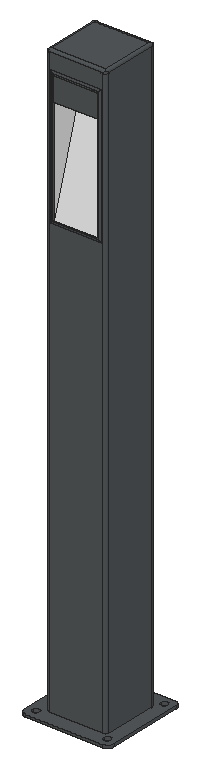
Revit family "svetilnik_alfresco_ar deko_dtu19", category Lighting Fixtures, Revit 2016 (continued)
Definition of nested family "Источник света Ар_Деко"
  Types (5, lengths in mm): name | Photometric Web File | built-in parameter 1150142
           0.2       0.2\r\n       0.2       0.2       0.2       0.2       0.2       0.2       0.2       0.2\r\n       0.2       0.2       0.2       0.2       0.2       0.2       0.2       0.2\r\n       0.2       0.2       0.2       0.2       0.2       0.2       0.2       0.2\r\n       0.2       0.2       0.2       0.2       0.2       0.2       0.2       0.2\r\n       0.2       0.2       0.2       0.2       0.2       0.2       0.2       0.2\r\n       0.2       0.2       0.2       0.2       0.2       0.2       0.2       0.2\r\n       0.2       0.2       0.2       0.2       0.2       0.2       0.2       0.2\r\n       0.2       0.2       0.2       0.2       0.2       0.2       0.2       0.2\r\n       0.2       0.2       0.2       0.2       0.2       0.2       0.2       0.2\r\n       0.2       0.2       0.2       0.2       0.2       0.2       0.2       0.2\r\n       0.2       0.2       0.2       0.2       0.2       0.2       0.2       0.2\r\n       0.2       0.2       0.2       0.2       0.2       0.2       0.2       0.2\r\n       0.2       0.2       0.2       0.2       0.2       0.2       0.2       0.2\r\n       0.2       0.2       0.2       0.2       0.2       0.2       0.2       0.2\r\n       0.2       0.2       0.2       0.2       0.2       0.2       0.2       0.2\r\n       0.2       0.2       0.2       0.2       0.2       0.2       0.2       0.2\r\n       0.2       0.2       0.2       0.1       0.1       0.1       0.0       0.0\r\n       0.0       0.0       0.0       0.0       0.0\r\n       0.0       0.0       0.1       0.1       0.1       0.1       0.1       0.1\r\n       0.2       0.2       0.2       0.2       0.2       0.2       0.2       0.2\r\n       0.2       0.2       0.2       0.2       0.2       0.2       0.2       0.2\r\n       0.2       0.2       0.2       0.2       0.2       0.2       0.2       0.2\r\n       0.2       0.2       0.2       0.2       0.2       0.2       0.2       0.2\r\n       0.2       0.2       0.2       0.2       0.2       0.2       0.2       0.2\r\n       0.2       0.2       0.2       0.2       0.2       0.2       0.2       0.2\r\n       0.2       0.2       0.2       0.2       0.2       0.2       0.2       0.2\r\n       0.2       0.2       0.2       0.2       0.2       0.2       0.2       0.2\r\n       0.2       0.2       0.2       0.2       0.2       0.2       0.2       0.2\r\n       0.2       0.2       0.2       0.2       0.2       0.2       0.2       0.2\r\n       0.2       0.2       0.2       0.2       0.2       0.2       0.2       0.2\r\n       0.2       0.2       0.2       0.2       0.2       0.2       0.2       0.2\r\n       0.2       0.2       0.2       0.2       0.2       0.2       0.2       0.2\r\n       0.2       0.2       0.2       0.2       0.2       0.2       0.2       0.2\r\n       0.2       0.2       0.2       0.2       0.2       0.2       0.2       0.2\r\n       0.2       0.2       0.2       0.2       0.2       0.2       0.2       0.2\r\n       0.2       0.2       0.2       0.2       0.2       0.2       0.2       0.2\r\n       0.2       0.2       0.2       0.2       0.2       0.2       0.2       0.2\r\n       0.2       0.2       0.2       0.2       0.2       0.2       0.2       0.2\r\n       0.2       0.2       0.2       0.2       0.2       0.2       0.2       0.2\r\n       0.2       0.2       0.2       0.1       0.1       0.1       0.0       0.0\r\n       0.0       0.0       0.0       0.0       0.0\r\n       0.0       0.0       0.1       0.1       0.1       0.1       0.1       0.1\r\n       0.2       0.2       0.2       0.2       0.2       0.2       0.2       0.2\r\n       0.2       0.2       0.2       0.2       0.2       0.2       0.2       0.2\r\n       0.2       0.2       0.2       0.2       0.2       0.2       0.2       0.2\r\n       0.2       0.2       0.2       0.2       0.2       0.2       0.2       0.2\r\n       0.2       0.2       0.2       0.2       0.2       0.2       0.2       0.2\r\n       0.2       0.2       0.2       0.2       0.2       0.2       0.2       0.2\r\n       0.2       0.2       0.2       0.2       0.2       0.2       0.2       0.2\r\n       0.2       0.2       0.2       0.2       0.2       0.2       0.2       0.2\r\n       0.2       0.2       0.2       0.2       0.2       0.2       0.2       0.2\r\n       0.2       0.2       0.2       0.2       0.2       0.2       0.2       0.2\r\n       0.2       0.2       0.2       0.2       0.2       0.2       0.2       0.2\r\n       0.2       0.2       0.2       0.2       0.2       0.2       0.2       0.2\r\n       0.2       0.2       0.2       0.2       0.2       0.2       0.2       0.2\r\n       0.2       0.2       0.2       0.2       0.2       0.2       0.2       0.2\r\n       0.2       0.2       0.2       0.2       0.2       0.2       0.2       0.2\r\n       0.2       0.2       0.2       0.2       0.2       0.2       0.2       0.2\r\n       0.2       0.2       0.2       0.2       0.2       0.2       0.2       0.2\r\n       0.2       0.2       0.2       0.2       0.2       0.2       0.2       0.2\r\n       0.2       0.2       0.2       0.2       0.2       0.2       0.2       0.2\r\n       0.2       0.2       0.2       0.2       0.2       0.2       0.2       0.2\r\n       0.2       0.2       0.2       0.1       0.1       0.1       0.0       0.0\r\n       0.0       0.0       0.0       0.0       0.0\r\n       0.0       0.0       0.1       0.1       0.1       0.1       0.1       0.1\r\n       0.2       0.2       0.2       0.2       0.2       0.2       0.2       0.2\r\n       0.2       0.2       0.2       0.2       0.2       0.2       0.2       0.2\r\n       0.2       0.2       0.2       0.2       0.2       0.2       0.2       0.2\r\n       0.2       0.2       0.2       0.2       0.2       0.2       0.2       0.2\r\n       0.2       0.2       0.2       0.2       0.2       0.2       0.2       0.2\r\n       0.2       0.2       0.2       0.2       0.2       0.2       0.2       0.2\r\n       0.2       0.2       0.2       0.2       0.2       0.2       0.2       0.2\r\n       0.2       0.2       0.2       0.2       0.2       0.2       0.2       0.2\r\n       0.2       0.2       0.2       0.2       0.2       0.2       0.2       0.2\r\n       0.2       0.2       0.2       0.2       0.2       0.2       0.2       0.2\r\n       0.2       0.2       0.2       0.2       0.2       0.2       0.2       0.2\r\n       0.2       0.2       0.2       0.2       0.2       0.2       0.2       0.2\r\n       0.2       0.2       0.2       0.2       0.2       0.2       0.2       0.2\r\n       0.2       0.2       0.2       0.2       0.2       0.2       0.2       0.2\r\n       0.2       0.2       0.2       0.2       0.2       0.2       0.2       0.2\r\n       0.2       0.2       0.2       0.2       0.2       0.2       0.2       0.2\r\n       0.2       0.2       0.2       0.2       0.2       0.2       0.2       0.2\r\n       0.2       0.2       0.2       0.2       0.2       0.2       0.2       0.2\r\n       0.2       0.2       0.2       0.2       0.2       0.2       0.2       0.2\r\n       0.2       0.2       0.2       0.2       0.2       0.2       0.2       0.2\r\n       0.2       0.2       0.2       0.1       0.1       0.1       0.0       0.0\r\n       0.0       0.0       0.0       0.0       0.0\r\n       0.0       0.0       0.1       0.1       0.1       0.1       0.1       0.1\r\n       0.2       0.2       0.2       0.2       0.2       0.2       0.2       0.2\r\n       0.2       0.2       0.2       0.2       0.2       0.2       0.2       0.2\r\n       0.2       0.2       0.2       0.2       0.2       0.2       0.2       0.2\r\n       0.2       0.2       0.2       0.2       0.2       0.2       0.2       0.2\r\n       0.2       0.2       0.2       0.2       0.2       0.2       0.2       0.2\r\n       0.2       0.2       0.2       0.2       0.2       0.2       0.2       0.2\r\n       0.2       0.2       0.2       0.2       0.2       0.2       0.2       0.2\r\n       0.2       0.2       0.2       0.2       0.2       0.2       0.2       0.2\r\n       0.2       0.2       0.2       0.2       0.2       0.2       0.3       0.2\r\n       0.2       0.2       0.2       0.2       0.2       0.2       0.2       0.2\r\n       0.2       0.2       0.2       0.2       0.2       0.2       0.2       0.2\r\n       0.2       0.2       0.2       0.2       0.2       0.2       0.2       0.2\r\n       0.2       0.2       0.2       0.2       0.2       0.2       0.2       0.2\r\n       0.2       0.2       0.2       0.2       0.2       0.2       0.2       0.2\r\n       0.2       0.2       0.2       0.2       0.2       0.2       0.2       0.2\r\n       0.2       0.2       0.2       0.2       0.2       0.2       0.2       0.2\r\n       0.2       0.2       0.2       0.2       0.2       0.2       0.2       0.2\r\n       0.2       0.2       0.2       0.2       0.2       0.2       0.2       0.2\r\n       0.2       0.2       0.2       0.2       0.2       0.2       0.2       0.2\r\n       0.2       0.2       0.2       0.2       0.2       0.2       0.2       0.2\r\n       0.2       0.2       0.2       0.1       0.1       0.1       0.0       0.0\r\n       0.0       0.0       0.0       0.0       0.0\r\n       0.0       0.0       0.1       0.1       0.1       0.1       0.1       0.1\r\n       0.2       0.2       0.2       0.2       0.2       0.2       0.2       0.2\r\n       0.2       0.2       0.2       0.2       0.2       0.2       0.2       0.2\r\n       0.2       0.2       0.2       0.2       0.2       0.2       0.2       0.2\r\n       0.2       0.2       0.2       0.2       0.2       0.2       0.2       0.2\r\n       0.2       0.2       0.2       0.2       0.2       0.2       0.2       0.2\r\n       0.2       0.2       0.2       0.2       0.2       0.2       0.2       0.2\r\n       0.2       0.2       0.2       0.2       0.2       0.2       0.2       0.2\r\n       0.2       0.2       0.2       0.2       0.2       0.2       0.2       0.2\r\n       0.2       0.2       0.2       0.2       0.2       0.2       0.2       0.2\r\n       0.2       0.2       0.2       0.2       0.2       0.2       0.2       0.2\r\n       0.2       0.2       0.2       0.2       0.2       0.2       0.2       0.2\r\n       0.2       0.2       0.2       0.2       0.2       0.2       0.2       0.2\r\n       0.2       0.2       0.2       0.2       0.2       0.2       0.2       0.2\r\n       0.2       0.2       0.2       0.2       0.2       0.2       0.2       0.2\r\n       0.2       0.2       0.2       0.2       0.2       0.2       0.2       0.2\r\n       0.2       0.2       0.2       0.2       0.2       0.2       0.2       0.2\r\n       0.2       0.2       0.2       0.2       0.2       0.2       0.2       0.2\r\n       0.2       0.2       0.2       0.2       0.2       0.2       0.2       0.2\r\n       0.2       0.2       0.2       0.2       0.2       0.2       0.2       0.2\r\n       0.2       0.2       0.2       0.2       0.2       0.2       0.2       0.2\r\n       0.2       0.2       0.2       0.1       0.1       0.1       0.0       0.0\r\n       0.0       0.0       0.0       0.0       0.0\r\n       0.0       0.0       0.1       0.1       0.1       0.1       0.1       0.1\r\n       0.2       0.2       0.2       0.2       0.2       0.2       0.2       0.2\r\n       0.2       0.2       0.2       0.2       0.2       0.2       0.2       0.2\r\n       0.2       0.2       0.2       0.2       0.2       0.2       0.2       0.2\r\n       0.2       0.2       0.2       0.2       0.2       0.2       0.2       0.2\r\n       0.2       0.2       0.2       0.2       0.2       0.2       0.2       0.2\r\n       0.2       0.2       0.2       0.2       0.2       0.2       0.2       0.2\r\n       0.2       0.2       0.2       0.2       0.2       0.2       0.2       0.2\r\n       0.2       0.2       0.2       0.2       0.2       0.2       0.2       0.2\r\n       0.2       0.2       0.2       0.2       0.2       0.2       0.2       0.2\r\n       0.2       0.2       0.2       0.2       0.2       0.2       0.2       0.2\r\n       0.2       0.2       0.2       0.2       0.2       0.2       0.2       0.2\r\n       0.2       0.2       0.2       0.2       0.2       0.2       0.2       0.2\r\n       0.2       0.2       0.2       0.2       0.2       0.2       0.2       0.2\r\n       0.2       0.2       0.2       0.2       0.2       0.2       0.2       0.2\r\n       0.2       0.2       0.2       0.2       0.2       0.2       0.2       0.2\r\n       0.2       0.2       0.2       0.2       0.2       0.2       0.2       0.2\r\n       0.2       0.2       0.2       0.2       0.2       0.2       0.2       0.2\r\n       0.2       0.2       0.2       0.2       0.2       0.2       0.2       0.2\r\n       0.2       0.2       0.2       0.2       0.2       0.2       0.2       0.2\r\n       0.2       0.2       0.2       0.2       0.2       0.2       0.2       0.2\r\n       0.2       0.2       0.2       0.1       0.1       0.1       0.0       0.0\r\n       0.0       0.0       0.0       0.0       0.0\r\n       0.0       0.0       0.1       0.1       0.1       0.1       0.1       0.1\r\n       0.2       0.2       0.2       0.2       0.2       0.2       0.2       0.2\r\n       0.2       0.2       0.2       0.2       0.2       0.2       0.2       0.2\r\n       0.2       0.2       0.2       0.2       0.2       0.2       0.2       0.2\r\n       0.2       0.2       0.2       0.2       0.2       0.2       0.2       0.2\r\n       0.2       0.2       0.2       0.2       0.2       0.2       0.2       0.2\r\n       0.2       0.2       0.2       0.2       0.2       0.2       0.2       0.2\r\n       0.2       0.2       0.2       0.2       0.2       0.2       0.2       0.2\r\n       0.2       0.2       0.2       0.2       0.2       0.2       0.2       0.2\r\n       0.2       0.2       0.2       0.2       0.2       0.2       0.2       0.2\r\n       0.2       0.2       0.2       0.2       0.2       0.2       0.2       0.2\r\n       0.2       0.2       0.2       0.2       0.2       0.2       0.2       0.2\r\n       0.2       0.2       0.2       0.2       0.2       0.2       0.2       0.2\r\n       0.2       0.2       0.2       0.2       0.2       0.2       0.2       0.2\r\n       0.2       0.2       0.2       0.2       0.2       0.2       0.2       0.2\r\n       0.2       0.2       0.2       0.2       0.2       0.2       0.2       0.2\r\n       0.2       0.2       0.2       0.2       0.2       0.2       0.2       0.2\r\n       0.2       0.2       0.2       0.2       0.2       0.2       0.2       0.2\r\n       0.2       0.2       0.2       0.2       0.2       0.2       0.2       0.2\r\n       0.2       0.2       0.2       0.2       0.2       0.2       0.2       0.2\r\n       0.2       0.2       0.2       0.2       0.2       0.2       0.2       0.2\r\n       0.2       0.2       0.2       0.1       0.1       0.1       0.0       0.0\r\n       0.0       0.0       0.0       0.0       0.0\r\n       0.0       0.0       0.2       0.1       0.1       0.1       0.1       0.1\r\n       0.2       0.2       0.2       0.2       0.2       0.2       0.2       0.2\r\n       0.2       0.2       0.2       0.2       0.2       0.2       0.2       0.2\r\n       0.2       0.2       0.2       0.2       0.2       0.2       0.2       0.2\r\n       0.2       0.2       0.2       0.2       0.2       0.2       0.2       0.2\r\n       0.2       0.2       0.2       0.2       0.2       0.2       0.2       0.2\r\n       0.2       0.2       0.2       0.2       0.2       0.2       0.2       0.2\r\n       0.2       0.2       0.2       0.2       0.2       0.2       0.2       0.2\r\n       0.2       0.2       0.2       0.2       0.2       0.2       0.2       0.2\r\n       0.2       0.2       0.2       0.2       0.2       0.2       0.2       0.2\r\n       0.2       0.2       0.2       0.2       0.2       0.2       0.2       0.2\r\n       0.2       0.2       0.2       0.2       0.2       0.2       0.2       0.2\r\n       0.2       0.2       0.2       0.2       0.2       0.2       0.2       0.2\r\n       0.2       0.2       0.2       0.2       0.2       0.2       0.2       0.2\r\n       0.2       0.2       0.2       0.2       0.2       0.2       0.2       0.2\r\n       0.2       0.2       0.2       0.2       0.2       0.2       0.2       0.2\r\n       0.2       0.2       0.2       0.2       0.2       0.2       0.2       0.2\r\n       0.2       0.2       0.2       0.2       0.2       0.2       0.2       0.2\r\n       0.2       0.2       0.2       0.2       0.2       0.2      
       0.2       0.2\r\n       0.2       0.2       0.2       0.2       0.2       0.2       0.2       0.2\r\n       0.2       0.2       0.2       0.2       0.2       0.2       0.2       0.2\r\n       0.2       0.2       0.2       0.1       0.1       0.1       0.0       0.0\r\n       0.0       0.0       0.0       0.0       0.0\r\n       0.0       0.0       0.2       0.1       0.1       0.1       0.1       0.1\r\n       0.2       0.2       0.2       0.2       0.2       0.2       0.2       0.2\r\n       0.2       0.2       0.2       0.2       0.2       0.2       0.2       0.2\r\n       0.2       0.2       0.2       0.2       0.2       0.2       0.2       0.2\r\n       0.2       0.2       0.2       0.2       0.2       0.2       0.2       0.2\r\n       0.2       0.2       0.2       0.2       0.2       0.2       0.2       0.2\r\n       0.2       0.2       0.2       0.2       0.2       0.2       0.2       0.2\r\n       0.2       0.2       0.2       0.2       0.2       0.2       0.2       0.2\r\n       0.2       0.3       0.3       0.3       0.3       0.3       0.3       0.3\r\n       0.3       0.2       0.2       0.2       0.2       0.2       0.2       0.2\r\n       0.2       0.2       0.2       0.2       0.2       0.2       0.2       0.2\r\n       0.2       0.2       0.2       0.2       0.2       0.2       0.2       0.2\r\n       0.2       0.2       0.2       0.2       0.2       0.2       0.2       0.2\r\n       0.2       0.2       0.2       0.2       0.2       0.2       0.2       0.2\r\n       0.2       0.2       0.2       0.2       0.2       0.2       0.2       0.2\r\n       0.2       0.2       0.2       0.2       0.2       0.2       0.2       0.2\r\n       0.2       0.2       0.2       0.2       0.2       0.2       0.2       0.2\r\n       0.2       0.2       0.2       0.2       0.2       0.2       0.2       0.2\r\n       0.2       0.2       0.2       0.2       0.2       0.2       0.2       0.2\r\n       0.2       0.2       0.2       0.2       0.2       0.2       0.2       0.2\r\n       0.2       0.2       0.2       0.2       0.2       0.2       0.2       0.2\r\n       0.2       0.2       0.2       0.1       0.1       0.1       0.0       0.0\r\n       0.0       0.0       0.0       0.0       0.0\r\n       0.0       0.0       0.2       0.1       0.1       0.1       0.1       0.1\r\n       0.2       0.3       0.2       0.2       0.2       0.2       0.2       0.2\r\n       0.2       0.2       0.2       0.2       0.2       0.2       0.2       0.2\r\n       0.2       0.2       0.2       0.2       0.2       0.2       0.2       0.2\r\n       0.2       0.2       0.2       0.2       0.2       0.2       0.2       0.2\r\n       0.2       0.2       0.2       0.2       0.2       0.2       0.2       0.2\r\n       0.2       0.2       0.2       0.2       0.2       0.2       0.2       0.2\r\n       0.2       0.2       0.2       0.3       0.3       0.3       0.3       0.3\r\n       0.4       0.7       0.7       0.7       0.6       0.5       0.5       0.4\r\n       0.4       0.3       0.3       0.2       0.2       0.2       0.2       0.2\r\n       0.2       0.2       0.2       0.2       0.2       0.2       0.2       0.2\r\n       0.2       0.2       0.2       0.2       0.2       0.2       0.2       0.2\r\n       0.2       0.2       0.2       0.2       0.2       0.2       0.2       0.2\r\n       0.2       0.2       0.2       0.2       0.2       0.2       0.2       0.2\r\n       0.2       0.2       0.2       0.2       0.2       0.2       0.2       0.2\r\n       0.2       0.2       0.2       0.2       0.2       0.2       0.2       0.2\r\n       0.2       0.2       0.2       0.2       0.2       0.2       0.2       0.2\r\n       0.2       0.2       0.2       0.2       0.2       0.2       0.2       0.2\r\n       0.2       0.2       0.2       0.2       0.2       0.2       0.2       0.2\r\n       0.2       0.2       0.2       0.2       0.2       0.2       0.2       0.2\r\n       0.2       0.2       0.2       0.2       0.2       0.2       0.2       0.2\r\n       0.2       0.2       0.2       0.2       0.1       0.1       0.0       0.0\r\n       0.0       0.0       0.0       0.0       0.0\r\n       0.0       0.0       0.2       0.1       0.2       0.1       0.1       0.1\r\n       0.2       0.3       0.2       0.2       0.2       0.2       0.2       0.2\r\n       0.2       0.2       0.2       0.2       0.2       0.2       0.2       0.2\r\n       0.2       0.2       0.2       0.2       0.2       0.2       0.2       0.2\r\n       0.2       0.2       0.2       0.2       0.2       0.2       0.3       0.9\r\n       1.2       1.2       1.0       0.9       0.8       0.7       0.6       0.5\r\n       0.4       0.4       0.4       0.4       0.4       0.4       0.5       0.6\r\n       0.5       0.5       0.6       0.8       0.9       1.0       1.2       1.0\r\n       0.7       1.0       1.3       1.4       1.2       1.0       0.8       0.7\r\n       0.6       0.5       0.4       0.4       0.3       0.3       0.3       0.2\r\n       0.2       0.2       0.2       0.2       0.2       0.2       0.2       0.2\r\n       0.2       0.2       0.2       0.2       0.2       0.2       0.2       0.2\r\n       0.2       0.2       0.2       0.2       0.2       0.2       0.2       0.2\r\n       0.2       0.2       0.2       0.2       0.2       0.2       0.2       0.2\r\n       0.2       0.2       0.2       0.2       0.2       0.2       0.2       0.2\r\n       0.2       0.2       0.2       0.2       0.2       0.2       0.2       0.2\r\n       0.2       0.2       0.2       0.2       0.2       0.2       0.2       0.2\r\n       0.2       0.2       0.2       0.2       0.2       0.2       0.2       0.2\r\n       0.2       0.2       0.2       0.2       0.2       0.2       0.2       0.2\r\n       0.2       0.2       0.2       0.2       0.2       0.2       0.2       0.2\r\n       0.2       0.2       0.2       0.2       0.2       0.2       0.2       0.2\r\n       0.2       0.2       0.2       0.2       0.1       0.1       0.0       0.0\r\n       0.0       0.0       0.0       0.0       0.0\r\n       0.0       0.0       0.2       0.1       0.2       0.1       0.1       0.1\r\n       0.2       0.3       0.2       0.2       0.2       0.2       0.2       0.2\r\n       0.2       0.2       0.2       0.2       0.2       0.2       0.2       0.2\r\n       0.2       0.2       0.2       0.2       0.2       0.2       0.2       0.2\r\n       0.3       0.7       0.7       0.9       2.5       2.5       4.6      17.7\r\n      28.3      32.2      31.9      32.9      31.0      28.3      26.0      23.7\r\n      21.6      19.2      16.5      14.3      12.6      11.4      10.3       9.2\r\n       8.7       8.5       8.8       9.5       9.5       9.9       9.9       9.6\r\n      10.2      10.5      10.4      10.9      10.7      10.3      10.5      10.0\r\n       9.6       9.6       8.8       8.0       7.8       7.1       6.5       6.1\r\n       4.0       1.4       0.5       0.2       0.2       0.2       0.2       0.2\r\n       0.2       0.2       0.2       0.2       0.2       0.2       0.2       0.2\r\n       0.2       0.2       0.2       0.2       0.2       0.2       0.2       0.2\r\n       0.2       0.2       0.2       0.2       0.2       0.2       0.2       0.2\r\n       0.2       0.2       0.2       0.2       0.2       0.2       0.2       0.2\r\n       0.2       0.2       0.2       0.2       0.2       0.2       0.2       0.2\r\n       0.2       0.2       0.2       0.2       0.2       0.2       0.2       0.2\r\n       0.2       0.2       0.2       0.2       0.2       0.2       0.2       0.2\r\n       0.2       0.2       0.2       0.2       0.2       0.2       0.2       0.2\r\n       0.2       0.2       0.2       0.2       0.2       0.2       0.2       0.2\r\n       0.2       0.2       0.2       0.2       0.2       0.2       0.2       0.2\r\n       0.2       0.2       0.2       0.2       0.1       0.1       0.0       0.0\r\n       0.0       0.0       0.0       0.0       0.0\r\n       0.0       0.0       0.2       0.1       0.2       0.1       0.1       0.1\r\n       0.2       0.3       0.2       0.2       0.2       0.2       0.2       0.2\r\n       0.2       0.2       0.2       0.2       0.2       0.2       0.2       0.2\r\n       0.2       0.2       0.2       0.2       0.2       0.2       0.6       1.3\r\n       2.5       7.3       9.8      13.7      29.5      46.7      54.6      59.2\r\n      63.3      65.5      68.9      71.5      74.0      72.6      70.6      67.4\r\n      65.3      64.1      62.1      61.6      60.7      59.8      59.2      58.8\r\n      57.6      56.4      55.4      53.9      52.1      50.9      49.5      47.2\r\n      44.6      42.6      41.7      40.1      38.3      37.2      35.6      33.4\r\n      30.8      28.4      26.4      24.1      22.7      20.6      17.6      12.3\r\n       7.0       3.9       2.5       1.4       0.7       0.3       0.2       0.2\r\n       0.2       0.2       0.2       0.2       0.2       0.2       0.2       0.2\r\n       0.2       0.2       0.2       0.2       0.2       0.2       0.2       0.2\r\n       0.2       0.2       0.2       0.2       0.2       0.2       0.2       0.2\r\n       0.2       0.2       0.2       0.2       0.2       0.2       0.2       0.2\r\n       0.2       0.2       0.2       0.2       0.2       0.2       0.2       0.2\r\n       0.2       0.2       0.2       0.2       0.2       0.2       0.2       0.2\r\n       0.2       0.2       0.2       0.2       0.2       0.2       0.2       0.2\r\n       0.2       0.2       0.2       0.2       0.2       0.2       0.2       0.2\r\n       0.2       0.2       0.2       0.2       0.2       0.2       0.2       0.2\r\n       0.2       0.2       0.2       0.2       0.2       0.2       0.2       0.2\r\n       0.2       0.2       0.2       0.2       0.1       0.1       0.0       0.0\r\n       0.0       0.0       0.0       0.0       0.0\r\n       0.0       0.0       0.2       0.1       0.2       0.1       0.1       0.1\r\n       0.2       0.3       0.2       0.2       0.2       0.2       0.2       0.2\r\n       0.2       0.2       0.2       0.2       0.2       0.2       0.2       0.2\r\n       0.2       0.2       0.2       0.3       1.1       3.0       6.5      13.8\r\n      18.7      28.7      51.5      64.5      73.2      82.0      90.2      94.9\r\n     100.3     105.0     109.2     113.7     112.3     112.5     109.7     106.5\r\n     104.3     102.3     100.3      97.6      95.6      94.8      93.6      91.2\r\n      90.6      88.7      86.1      84.2      83.0      81.0      78.4      76.1\r\n      73.5      70.7      68.6      66.0      63.9      61.3      57.8      53.9\r\n      50.4      46.7      44.0      41.1      37.5      30.7      23.0      17.2\r\n      13.0       9.4       6.7       4.7       3.0       1.7       0.8       0.3\r\n       0.2       0.2       0.2       0.2       0.2       0.2       0.2       0.2\r\n       0.2       0.2       0.2       0.2       0.2       0.2       0.2       0.2\r\n       0.2       0.2       0.2       0.2       0.2       0.2       0.2       0.2\r\n       0.2       0.2       0.2       0.2       0.2       0.2       0.2       0.2\r\n       0.2       0.2       0.2       0.2       0.2       0.2       0.2       0.2\r\n       0.2       0.2       0.2       0.2       0.2       0.2       0.2       0.2\r\n       0.2       0.2       0.2       0.2       0.2       0.2       0.2       0.2\r\n       0.2       0.2       0.2       0.2       0.2       0.2       0.2       0.2\r\n       0.2       0.2       0.2       0.2       0.2       0.2       0.2       0.2\r\n       0.2       0.2       0.2       0.2       0.2       0.2       0.2       0.2\r\n       0.2       0.2       0.2       0.2       0.1       0.1       0.0       0.0\r\n       0.0       0.0       0.0       0.0       0.0\r\n       0.0       0.0       0.2       0.1       0.2       0.1       0.1       0.1\r\n       0.2       0.3       0.2       0.2       0.2       0.2       0.2       0.2\r\n       0.2       0.2       0.2       0.2       0.2       0.2       0.2       0.2\r\n       0.3       0.5       0.9       4.4      10.3      24.3      34.7      49.5\r\n      64.4      75.0      83.8      92.5     101.2     110.4     122.8     128.6\r\n     140.5     155.9     156.4     165.2     172.1     168.9     168.0     167.5\r\n     166.4     163.9     163.7     162.5     161.6     159.0     156.9     154.6\r\n     150.7     147.2     143.9     139.8     135.2     130.3     126.3     121.9\r\n     116.5     112.1     108.0     104.3      99.5      95.0      90.1      85.3\r\n      80.5      75.0      69.5      62.2      52.5      43.3      35.6      29.8\r\n      24.6      19.9      15.9      11.6       8.2       5.2       3.3       0.7\r\n       0.2       0.2       0.2       0.2       0.2       0.2       0.2       0.2\r\n       0.2       0.2       0.2       0.2       0.2       0.2       0.2       0.2\r\n       0.2       0.2       0.2       0.2       0.2       0.2       0.2       0.2\r\n       0.2       0.2       0.2       0.2       0.2       0.2       0.2       0.2\r\n       0.2       0.2       0.2       0.2       0.2       0.2       0.2       0.2\r\n       0.2       0.2       0.2       0.2       0.2       0.2       0.2       0.2\r\n       0.2       0.2       0.2       0.2       0.2       0.2       0.2       0.2\r\n       0.2       0.2       0.2       0.2       0.2       0.2       0.2       0.2\r\n       0.2       0.2       0.2       0.2       0.2       0.2       0.2       0.2\r\n       0.2       0.2       0.2       0.2       0.2       0.2       0.2       0.2\r\n       0.2       0.2       0.2       0.1       0.1       0.1       0.0       0.0\r\n       0.0       0.0       0.0       0.0       0.0\r\n       0.0       0.0       0.2       0.1       0.2       0.1       0.1       0.2\r\n       0.2       0.3       0.2       0.2       0.2       0.2       0.2       0.2\r\n       0.2       0.2       0.2       0.2       0.2       0.2       0.3       0.4\r\n       1.7       4.4      11.1      30.2      41.1      52.9      67.3      81.5\r\n      93.5     100.1     109.7     126.0     138.4     151.3     168.4     182.1\r\n     196.9     213.0     216.8     213.5     211.4     210.4     205.1     202.2\r\n     199.2     197.1     193.2     189.5     186.2     183.3     180.9     178.3\r\n     175.0     170.7     167.5     163.2     158.5     155.5     151.8     147.2\r\n     142.8     138.2     134.2     129.3     124.2     118.7     113.9     108.8\r\n     103.0      95.2      83.0      71.0      62.6      54.4      48.5      41.8\r\n      36.1      30.2      25.2      19.9      14.2       9.6       6.0       1.3\r\n       0.3       0.2       0.2       0.2       0.2       0.2       0.2       0.2\r\n       0.2       0.2       0.2       0.2       0.2       0.2       0.2       0.2\r\n       0.2       0.2       0.2       0.2       0.2       0.2       0.2       0.2\r\n       0.2       0.2       0.2       0.2       0.2       0.2       0.2       0.2\r\n       0.2       0.2       0.2       0.2       0.2       0.2       0.2       0.2\r\n       0.2       0.2       0.2       0.2       0.2       0.2       0.2       0.2\r\n       0.2       0.2       0.2       0.2       0.2       0.2       0.2       0.2\r\n       0.2       0.2       0.2       0.2       0.2       0.2       0.2       0.2\r\n       0.2       0.2       0.2       0.2       0.2       0.2       0.2       0.2\r\n       0.2       0.2       0.2       0.2       0.2       0.2       0.2       0.2\r\n       0.2       0.2       0.2       0.1       0.1       0.1       0.0       0.0\r\n       0.0       0.0       0.0       0.0       0.0\r\n       0.0       0.0       0.2       0.1       0.2       0.1       0.1       0.2\r\n       0.2       0.3       0.2       0.2       0.2       0.2       0.2       0.2\r\n       0.2       0.2       0.2       0.2       0.2       0.3       1.7       5.0\r\n      12.5      23.5      48.5      64.1      74.4      87.0      97.3     107.5\r\n     115.2     130.4     146.1     159.4     179.6     193.2     211.1     222.5\r\n     225.9     224.7     221.8     220.0     217.4     212.4     212.6     209.4\r\n     206.8     204.9     200.7     198.6     196.1     191.9     189.3     184.6\r\n     180.2     178.4     173.3     167.9     163.8     161.3     156.3     151.3\r\n     147.6     143.1     137.8     132.6     127.9     123.6     118.8     112.3\r\n     101.9      88.8      76.8      67.8      60.6      53.9      47.3      40.7\r\n      35.6      28
